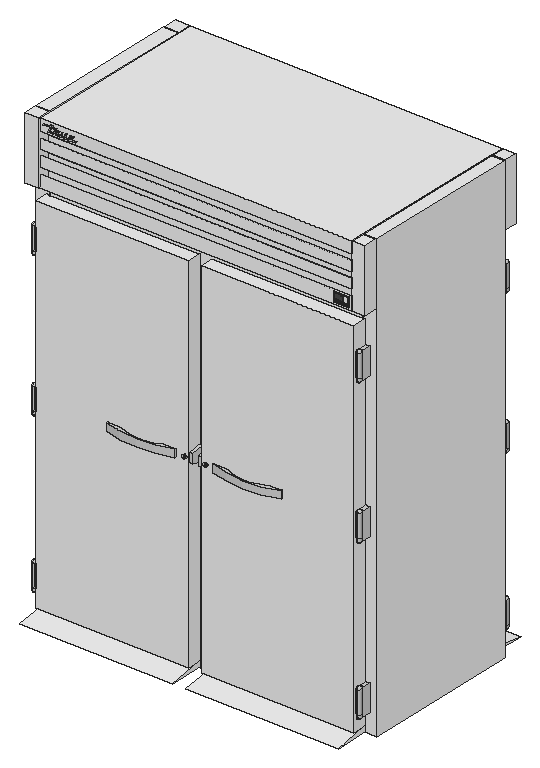
Revit family (continued)
Automatic sketch dimensions
  Extrusion 14 sketch curve to plane 9 = 4.57271"
  Extrusion 14 sketch curve to Extrusion 14 sketch curve = 4.39928"
  Extrusion 14 sketch curve to Extrusion 14 sketch curve = 0.71221"
  Revolve 15 sketch curve to plane 5 "FRONT" = 0.07771"  (x2)
  Revolve 15 sketch curve to Revolve 15 sketch curve = 0.38242"
  Revolve 15 sketch curve to Revolve 15 sketch curve = 0.38436"
  Revolve 15 sketch curve to plane 5 "FRONT" = 31/64"
  Revolve 15 sketch curve to Revolve 15 sketch curve = 0.40666"
  Revolve 15 sketch curve to Revolve 15 sketch curve = 0"
  Revolve 15 sketch curve to plane 9 = 3.75492"
  Revolve 15 sketch curve to Revolve 15 sketch curve = 0.55526"
  Revolve 15 sketch curve to Revolve 15 sketch curve = 0.19474"
  Revolve 15 sketch curve to Revolve 15 sketch curve = 0.14649"
  Revolve 15 sketch curve to Revolve 15 sketch curve = 4.42889"
  Revolve 15 sketch curve to Revolve 15 sketch curve = 0.05342"
  Revolve 15 sketch curve to Revolve 15 sketch curve = 0.51246"
  Revolve 15 sketch curve to Revolve 15 sketch curve = 0.05889"
  Extrusion 16 sketch curve to plane 4 "RIGHT" = 1.88366"
  Extrusion 16 sketch curve to Extrusion 16 sketch curve = 0.39759"
  Extrusion 16 sketch curve to plane 9 = 4.6503"
  Extrusion 16 sketch curve to Extrusion 16 sketch curve = 4.47281"
  Extrusion 17 sketch curve to plane 5 "FRONT" = 1/2"
  Extrusion 17 sketch curve to Extrusion 17 sketch curve = 0.43503"
  Extrusion 17 sketch curve to Extrusion 17 sketch curve = 0.20453"
  Extrusion 17 sketch curve to Extrusion 17 sketch curve = 1.61044"
  Extrusion 17 sketch curve to plane 9 = 33.19771"
  Extrusion 17 sketch curve to Extrusion 17 sketch curve = 4.39928"
  Extrusion 17 sketch curve to Extrusion 17 sketch curve = 0.71221"
  Revolve 18 sketch curve to plane 5 "FRONT" = 0.07771"  (x2)
  Revolve 18 sketch curve to Revolve 18 sketch curve = 0.38242"
  Revolve 18 sketch curve to Revolve 18 sketch curve = 0.38436"
  Revolve 18 sketch curve to plane 5 "FRONT" = 31/64"
  Revolve 18 sketch curve to Revolve 18 sketch curve = 0.40666"
  Revolve 18 sketch curve to Revolve 18 sketch curve = 0"
  Revolve 18 sketch curve to plane 9 = 32.37992"
  Revolve 18 sketch curve to Revolve 18 sketch curve = 0.55526"
  Revolve 18 sketch curve to Revolve 18 sketch curve = 0.19474"
  Revolve 18 sketch curve to Revolve 18 sketch curve = 0.14649"
  Revolve 18 sketch curve to Revolve 18 sketch curve = 4.42889"
  Revolve 18 sketch curve to Revolve 18 sketch curve = 0.05342"
  Revolve 18 sketch curve to Revolve 18 sketch curve = 0.51246"
  Revolve 18 sketch curve to Revolve 18 sketch curve = 0.05889"
  Extrusion 19 sketch curve to plane 4 "RIGHT" = 1.88366"
  Extrusion 19 sketch curve to Extrusion 19 sketch curve = 0.39759"
  Extrusion 19 sketch curve to plane 9 = 33.2753"
  Extrusion 19 sketch curve to Extrusion 19 sketch curve = 4.47281"
  Extrusion 20 sketch curve to plane 5 "FRONT" = 1/2"
  Extrusion 20 sketch curve to Extrusion 20 sketch curve = 0.43503"
  Extrusion 20 sketch curve to Extrusion 20 sketch curve = 0.20453"
  Extrusion 20 sketch curve to Extrusion 20 sketch curve = 1.61044"
  level to Extrusion 20 sketch curve = 9.05229"
  Extrusion 20 sketch curve to Extrusion 20 sketch curve = 4.39928"
  Extrusion 20 sketch curve to Extrusion 20 sketch curve = 0.71221"
  Revolve 21 sketch curve to plane 5 "FRONT" = 0.07771"  (x2)
  Revolve 21 sketch curve to Revolve 21 sketch curve = 0.38242"
  Revolve 21 sketch curve to Revolve 21 sketch curve = 0.38436"
  Revolve 21 sketch curve to plane 5 "FRONT" = 31/64"
  Revolve 21 sketch curve to Revolve 21 sketch curve = 0.40666"
  Revolve 21 sketch curve to Revolve 21 sketch curve = 0"
  level to Revolve 21 sketch curve = 9.87008"
  Revolve 21 sketch curve to Revolve 21 sketch curve = 0.55526"
  Revolve 21 sketch curve to Revolve 21 sketch curve = 0.19474"
  Revolve 21 sketch curve to Revolve 21 sketch curve = 0.14649"
  Revolve 21 sketch curve to Revolve 21 sketch curve = 4.42889"
  Revolve 21 sketch curve to Revolve 21 sketch curve = 0.05342"
  Revolve 21 sketch curve to Revolve 21 sketch curve = 0.51246"
  Revolve 21 sketch curve to Revolve 21 sketch curve = 0.05889"
  Extrusion 22 sketch curve to plane 4 "RIGHT" = 1.88366"
  Extrusion 22 sketch curve to Extrusion 22 sketch curve = 0.39759"
  level to Extrusion 22 sketch curve = 8.9747"
  Extrusion 22 sketch curve to Extrusion 22 sketch curve = 4.47281"
  plane 5 "FRONT" to Extrusion 23 sketch curve = 0"  (x2)
  Extrusion 23 sketch curve to plane 7 = 9/16"
  Extrusion 23 sketch curve to plane 12 = 1 5/16"
  plane 12 to Extrusion 23 sketch curve = 1 5/16"
  Extrusion 23 sketch curve to plane 4 "RIGHT" = 2 9/32"
  Extrusion 24 sketch curve to Extrusion 6 = 0"
  Extrusion 6 to Extrusion 24 sketch curve = 0"
  Extrusion 6 to Extrusion 24 sketch curve = 1"
  Extrusion 24 sketch curve to Extrusion 6 = 3 15/16"
  plane 5 "FRONT" to Extrusion 25 sketch curve = 0"  (x2)
  plane 7 to Extrusion 25 sketch curve = 13.775"
  Extrusion 25 sketch curve to Extrusion 25 sketch curve = 2.4"  (x2)
  Extrusion 25 sketch curve to Extrusion 25 sketch curve = 4.4"
  Extrusion 25 sketch curve to plane 8 = 0.38764"
  Extrusion 25 sketch curve to plane 12 = 10.58125"
  Extrusion 25 sketch curve to Extrusion 25 sketch curve = 0.2"
  Extrusion 25 sketch curve to plane 5 "FRONT" = 7.77897"
  Extrusion 26 sketch curve to plane 12 = 2.0734"
  Extrusion 26 sketch curve to Extrusion 26 sketch curve = 0.02035"
  Extrusion 26 sketch curve to Extrusion 26 sketch curve = 0.0555"
  Extrusion 26 sketch curve to plane 9 = 34.91365"
  Extrusion 26 sketch curve to Extrusion 26 sketch curve = 0.27385"
  Extrusion 26 sketch curve to Extrusion 26 sketch curve = 0.29355"
  Blend 27 sketch curve to plane 12 = 1 5/16"  (x2)
  Blend 27 sketch curve to plane 12 = 9/16"
  Blend 27 sketch curve to plane 9 = 36.00831"
  Blend 27 sketch curve to Blend 27 sketch curve = 1 3/4"
  Blend 27 sketch curve to plane 12 = 0.38027"
  Blend 27 sketch curve to plane 9 = 36.6059"
  Blend 27 sketch curve to Blend 27 sketch curve = 2.78233"
  Extrusion 28 sketch curve to plane 5 "FRONT" = 1/2"
  Extrusion 28 sketch curve to Extrusion 28 sketch curve = 0.43503"
  Extrusion 28 sketch curve to Extrusion 28 sketch curve = 0.20453"
  Extrusion 28 sketch curve to Extrusion 28 sketch curve = 1.61044"
  Extrusion 28 sketch curve to plane 9 = 9.88873"
  Extrusion 28 sketch curve to Extrusion 28 sketch curve = 0.71221"
  Extrusion 28 sketch curve to Extrusion 28 sketch curve = 4.39928"
  Revolve 29 sketch curve to plane 5 "FRONT" = 0.07771"  (x2)
  Revolve 29 sketch curve to Revolve 29 sketch curve = 0.38242"
  Revolve 29 sketch curve to Revolve 29 sketch curve = 0.38436"
  Revolve 29 sketch curve to plane 5 "FRONT" = 31/64"
  Revolve 29 sketch curve to Revolve 29 sketch curve = 0.40666"
  Revolve 29 sketch curve to Revolve 29 sketch curve = 0"
  Revolve 29 sketch curve to plane 9 = 10.07719"
  Revolve 29 sketch curve to Revolve 29 sketch curve = 0.32931"
  Revolve 29 sketch curve to Revolve 29 sketch curve = 0.51246"
  Revolve 29 sketch curve to Revolve 29 sketch curve = 0.05342"
  Revolve 29 sketch curve to Revolve 29 sketch curve = 4.42889"
  Revolve 29 sketch curve to Revolve 29 sketch curve = 0.04281"
  Revolve 29 sketch curve to Revolve 29 sketch curve = 0.18929"
  Revolve 29 sketch curve to Revolve 29 sketch curve = 0.55526"
  Extrusion 30 sketch curve to plane 7 = 0.96009"
  Extrusion 30 sketch curve to Extrusion 30 sketch curve = 0.39759"
  Extrusion 30 sketch curve to plane 9 = 9.12311"
  Extrusion 30 sketch curve to Extrusion 30 sketch curve = 4.47281"
  Extrusion 31 sketch curve to plane 5 "FRONT" = 1/2"
  Extrusion 31 sketch curve to Extrusion 31 sketch curve = 0.43503"
  Extrusion 31 sketch curve to Extrusion 31 sketch curve = 0.20453"
  Extrusion 31 sketch curve to Extrusion 31 sketch curve = 1.61044"
  level to Extrusion 31 sketch curve = 35.23627"
  Extrusion 31 sketch curve to Extrusion 31 sketch curve = 0.71221"
  Extrusion 31 sketch curve to Extrusion 31 sketch curve = 4.39928"
  Revolve 32 sketch curve to plane 5 "FRONT" = 0.07771"  (x2)
  Revolve 32 sketch curve to Revolve 32 sketch curve = 0.38242"
  Revolve 32 sketch curve to Revolve 32 sketch curve = 0.38436"
  Revolve 32 sketch curve to plane 5 "FRONT" = 31/64"
  Revolve 32 sketch curve to Revolve 32 sketch curve = 0.40666"
  Revolve 32 sketch curve to Revolve 32 sketch curve = 0"
  level to Revolve 32 sketch curve = 35.04781"
  Revolve 32 sketch curve to Revolve 32 sketch curve = 0.32931"
  Revolve 32 sketch curve to Revolve 32 sketch curve = 0.51246"
  Revolve 32 sketch curve to Revolve 32 sketch curve = 0.05342"
  Revolve 32 sketch curve to Revolve 32 sketch curve = 4.42889"
  Revolve 32 sketch curve to Revolve 32 sketch curve = 0.04281"
  Revolve 32 sketch curve to Revolve 32 sketch curve = 0.18929"
  Revolve 32 sketch curve to Revolve 32 sketch curve = 0.55526"
  Extrusion 33 sketch curve to plane 7 = 0.96009"
  Extrusion 33 sketch curve to Extrusion 33 sketch curve = 0.39759"
  level to Extrusion 33 sketch curve = 36.00189"
  Extrusion 33 sketch curve to Extrusion 33 sketch curve = 4.47281"
  Extrusion 34 sketch curve to plane 5 "FRONT" = 1/2"
  Extrusion 34 sketch curve to Extrusion 34 sketch curve = 0.43503"
  Extrusion 34 sketch curve to Extrusion 34 sketch curve = 0.20453"
  Extrusion 34 sketch curve to Extrusion 34 sketch curve = 1.61044"
  level to Extrusion 34 sketch curve = 3.73627"
  Extrusion 34 sketch curve to Extrusion 34 sketch curve = 0.71221"
  Extrusion 34 sketch curve to Extrusion 34 sketch curve = 4.39928"
  Revolve 35 sketch curve to plane 5 "FRONT" = 0.07771"  (x2)
  Revolve 35 sketch curve to Revolve 35 sketch curve = 0.38242"
  Revolve 35 sketch curve to Revolve 35 sketch curve = 0.38436"
  Revolve 35 sketch curve to plane 5 "FRONT" = 31/64"
  Revolve 35 sketch curve to Revolve 35 sketch curve = 0.40666"
  Revolve 35 sketch curve to Revolve 35 sketch curve = 0"
  level to Revolve 35 sketch curve = 3.54781"
  Revolve 35 sketch curve to Revolve 35 sketch curve = 0.32931"
  Revolve 35 sketch curve to Revolve 35 sketch curve = 0.51246"
  Revolve 35 sketch curve to Revolve 35 sketch curve = 0.05342"
  Revolve 35 sketch curve to Revolve 35 sketch curve = 4.42889"
  Revolve 35 sketch curve to Revolve 35 sketch curve = 0.04281"
  Revolve 35 sketch curve to Revolve 35 sketch curve = 0.18929"
  Revolve 35 sketch curve to Revolve 35 sketch curve = 0.55526"
  Extrusion 36 sketch curve to plane 7 = 0.96009"
  Extrusion 36 sketch curve to Extrusion 36 sketch curve = 0.39759"
  level to Extrusion 36 sketch curve = 4.50189"
  Extrusion 36 sketch curve to Extrusion 36 sketch curve = 4.47281"
  Extrusion 37 sketch curve to level = 0"
  Extrusion 37 sketch curve to Extrusion 37 sketch curve = 1"
  plane 5 "FRONT" to Extrusion 37 sketch curve = 3 15/16"
  Extrusion 37 sketch curve to plane 5 "FRONT" = 2 3/4"
  Extrusion 38 sketch curve to plane 9 = 0"  (x2)
  Extrusion 38 sketch curve to plane 7 = 9/16"
  plane 12 to Extrusion 38 sketch curve = 1 5/16"
  Extrusion 38 sketch curve to plane 4 "RIGHT" = 2 9/32"
  level to Extrusion 38 sketch curve = 1"  (x2)
  Extrusion 39 sketch curve to plane 1 "BACK" = 0"  (x2)
  Extrusion 39 sketch curve to plane 4 "RIGHT" = 16.61875"
  Extrusion 39 sketch curve to Extrusion 39 sketch curve = 2.4"  (x2)
  Extrusion 39 sketch curve to Extrusion 39 sketch curve = 4.4"
  plane 8 to Extrusion 39 sketch curve = 0.38764"
  plane 12 to Extrusion 39 sketch curve = 10.58125"
  Extrusion 39 sketch curve to Extrusion 39 sketch curve = 0.2"
  plane 1 "BACK" to Extrusion 39 sketch curve = 7.77897"
  plane 12 to Extrusion 40 sketch curve = 2.0734"
  Extrusion 40 sketch curve to Extrusion 40 sketch curve = 0.02035"
  Extrusion 40 sketch curve to Extrusion 40 sketch curve = 0.0555"
  Extrusion 40 sketch curve to plane 9 = 34.91365"
  Extrusion 40 sketch curve to Extrusion 40 sketch curve = 0.27385"
  Extrusion 40 sketch curve to Extrusion 40 sketch curve = 0.29355"
  plane 12 to Blend 41 sketch curve = 1 5/16"  (x2)
  plane 12 to Blend 41 sketch curve = 9/16"
  Blend 41 sketch curve to plane 9 = 36.00831"
  Blend 41 sketch curve to Blend 41 sketch curve = 1 3/4"
  plane 12 to Blend 41 sketch curve = 0.38027"
  Blend 41 sketch curve to plane 9 = 36.6059"
  Blend 41 sketch curve to Blend 41 sketch curve = 2.78233"
  plane 1 "BACK" to Extrusion 42 sketch curve = 1/2"
  Extrusion 42 sketch curve to Extrusion 42 sketch curve = 0.43503"
  Extrusion 42 sketch curve to Extrusion 42 sketch curve = 0.20453"
  Extrusion 42 sketch curve to Extrusion 42 sketch curve = 1.61044"
  Extrusion 42 sketch curve to plane 9 = 9.88873"
  Extrusion 42 sketch curve to Extrusion 42 sketch curve = 0.71221"
  Extrusion 42 sketch curve to Extrusion 42 sketch curve = 4.39928"
  plane 1 "BACK" to Revolve 43 sketch curve = 0.07771"  (x2)
  Revolve 43 sketch curve to Revolve 43 sketch curve = 0.38242"
  Revolve 43 sketch curve to Revolve 43 sketch curve = 0.38436"
  plane 1 "BACK" to Revolve 43 sketch curve = 31/64"
  Revolve 43 sketch curve to Revolve 43 sketch curve = 0.40666"
  Revolve 43 sketch curve to Revolve 43 sketch curve = 0"
  Revolve 43 sketch curve to plane 9 = 10.07719"
  Revolve 43 sketch curve to Revolve 43 sketch curve = 0.32931"
  Revolve 43 sketch curve to Revolve 43 sketch curve = 0.51246"
  Revolve 43 sketch curve to Revolve 43 sketch curve = 0.05342"
  Revolve 43 sketch curve to Revolve 43 sketch curve = 4.42889"
  Revolve 43 sketch curve to Revolve 43 sketch curve = 0.04281"
  Revolve 43 sketch curve to Revolve 43 sketch curve = 0.18929"
  Revolve 43 sketch curve to Revolve 43 sketch curve = 0.55526"
  Extrusion 44 sketch curve to plane 4 "RIGHT" = 1.88366"
  Extrusion 44 sketch curve to Extrusion 44 sketch curve = 0.39759"
  Extrusion 44 sketch curve to plane 9 = 9.12311"
  Extrusion 44 sketch curve to Extrusion 44 sketch curve = 4.47281"
  plane 1 "BACK" to Extrusion 45 sketch curve = 1/2"
  Extrusion 45 sketch curve to Extrusion 45 sketch curve = 0.43503"
  Extrusion 45 sketch curve to Extrusion 45 sketch curve = 0.20453"
  Extrusion 45 sketch curve to Extrusion 45 sketch curve = 1.61044"
  level to Extrusion 45 sketch curve = 35.23627"
  Extrusion 45 sketch curve to Extrusion 45 sketch curve = 0.71221"
  Extrusion 45 sketch curve to Extrusion 45 sketch curve = 4.39928"
  plane 1 "BACK" to Revolve 46 sketch curve = 0.07771"  (x2)
  Revolve 46 sketch curve to Revolve 46 sketch curve = 0.38242"
  Revolve 46 sketch curve to Revolve 46 sketch curve = 0.38436"
  plane 1 "BACK" to Revolve 46 sketch curve = 31/64"
  Revolve 46 sketch curve to Revolve 46 sketch curve = 0.40666"
  Revolve 46 sketch curve to Revolve 46 sketch curve = 0"
  level to Revolve 46 sketch curve = 35.04781"
  Revolve 46 sketch curve to Revolve 46 sketch curve = 0.32931"
  Revolve 46 sketch curve to Revolve 46 sketch curve = 0.51246"
  Revolve 46 sketch curve to Revolve 46 sketch curve = 0.05342"
  Revolve 46 sketch curve to Revolve 46 sketch curve = 4.42889"
  Revolve 46 sketch curve to Revolve 46 sketch curve = 0.04281"
  Revolve 46 sketch curve to Revolve 46 sketch curve = 0.18929"
  Revolve 46 sketch curve to Revolve 46 sketch curve = 0.55526"
  Extrusion 47 sketch curve to plane 4 "RIGHT" = 1.88366"
  Extrusion 47 sketch curve to Extrusion 47 sketch curve = 0.39759"
  level to Extrusion 47 sketch curve = 36.00189"
  Extrusion 47 sketch curve to Extrusion 47 sketch curve = 4.47281"
  plane 1 "BACK" to Extrusion 48 sketch curve = 1/2"
  Extrusion 48 sketch curve to Extrusion 48 sketch curve = 0.43503"
  Extrusion 48 sketch curve to Extrusion 48 sketch curve = 0.20453"
  Extrusion 48 sketch curve to Extrusion 48 sketch curve = 1.61044"
  level to Extrusion 48 sketch curve = 3.73627"
  Extrusion 48 sketch curve to Extrusion 48 sketch curve = 0.71221"
  Extrusion 48 sketch curve to Extrusion 48 sketch curve = 4.39928"
  plane 1 "BACK" to Revolve 49 sketch curve = 0.07771"  (x2)
  Revolve 49 sketch curve to Revolve 49 sketch curve = 0.38242"
  Revolve 49 sketch curve to Revolve 49 sketch curve = 0.38436"
  plane 1 "BACK" to Revolve 49 sketch curve = 31/64"
  Revolve 49 sketch curve to Revolve 49 sketch curve = 0.40666"
  Revolve 49 sketch curve to Revolve 49 sketch curve = 0"
  level to Revolve 49 sketch curve = 3.54781"
  Revolve 49 sketch curve to Revolve 49 sketch curve = 0.32931"
  Revolve 49 sketch curve to Revolve 49 sketch curve = 0.51246"
  Revolve 49 sketch curve to Revolve 49 sketch curve = 0.05342"
  Revolve 49 sketch curve to Revolve 49 sketch curve = 4.42889"
  Revolve 49 sketch curve to Revolve 49 sketch curve = 0.04281"
  Revolve 49 sketch curve to Revolve 49 sketch curve = 0.18929"
  Revolve 49 sketch curve to Revolve 49 sketch curve = 0.55526"
  Extrusion 50 sketch curve to plane 4 "RIGHT" = 1.88366"
  Extrusion 50 sketch curve to Extrusion 50 sketch curve = 0.39759"
  level to Extrusion 50 sketch curve = 4.50189"
  Extrusion 50 sketch curve to Extrusion 50 sketch curve = 4.47281"
  plane 1 "BACK" to Extrusion 51 sketch curve = 0"  (x2)
  Extrusion 51 sketch curve to plane 7 = 9/16"
  Extrusion 51 sketch curve to plane 12 = 1 5/16"
  plane 12 to Extrusion 51 sketch curve = 1 5/16"
  Extrusion 51 sketch curve to plane 4 "RIGHT" = 2 9/32"
  Extrusion 53 sketch curve to plane 1 "BACK" = 0"  (x2)
  Extrusion 53 sketch curve to plane 12 = 3 25/32"
  Extrusion 53 sketch curve to Extrusion 53 sketch curve = 2.4"  (x2)
  Extrusion 53 sketch curve to Extrusion 53 sketch curve = 4.4"
  plane 8 to Extrusion 53 sketch curve = 0.38764"
  Extrusion 53 sketch curve to plane 12 = 10.58125"
  Extrusion 53 sketch curve to Extrusion 53 sketch curve = 0.2"
  plane 1 "BACK" to Extrusion 53 sketch curve = 7.77897"
  Extrusion 54 sketch curve to plane 12 = 2.0734"
  Extrusion 54 sketch curve to Extrusion 54 sketch curve = 0.02035"
  Extrusion 54 sketch curve to Extrusion 54 sketch curve = 0.0555"
  Extrusion 54 sketch curve to plane 9 = 35.48105"
  Extrusion 54 sketch curve to Extrusion 54 sketch curve = 0.29355"
  Extrusion 54 sketch curve to Extrusion 54 sketch curve = 0.27385"
  Blend 55 sketch curve to plane 12 = 1 5/16"  (x2)
  Blend 55 sketch curve to plane 12 = 9/16"
  Blend 55 sketch curve to plane 9 = 34.25831"
  Blend 55 sketch curve to Blend 55 sketch curve = 1 3/4"
  Blend 55 sketch curve to plane 12 = 0.38027"
  Blend 55 sketch curve to plane 9 = 33.82357"
  Blend 55 sketch curve to Blend 55 sketch curve = 2.78233"
  plane 1 "BACK" to Extrusion 56 sketch curve = 1/2"
  Extrusion 56 sketch curve to Extrusion 56 sketch curve = 0.43503"
  Extrusion 56 sketch curve to Extrusion 56 sketch curve = 0.20453"
  Extrusion 56 sketch curve to Extrusion 56 sketch curve = 1.61044"
  Extrusion 56 sketch curve to plane 9 = 4.57271"
  Extrusion 56 sketch curve to Extrusion 56 sketch curve = 4.39928"
  Extrusion 56 sketch curve to Extrusion 56 sketch curve = 0.71221"
  plane 1 "BACK" to Revolve 57 sketch curve = 0.07771"  (x2)
  Revolve 57 sketch curve to Revolve 57 sketch curve = 0.38242"
  Revolve 57 sketch curve to Revolve 57 sketch curve = 0.38436"
  plane 1 "BACK" to Revolve 57 sketch curve = 31/64"
  Revolve 57 sketch curve to Revolve 57 sketch curve = 0.40666"
  Revolve 57 sketch curve to Revolve 57 sketch curve = 0"
  Revolve 57 sketch curve to plane 9 = 3.75492"
  Revolve 57 sketch curve to Revolve 57 sketch curve = 0.55526"
  Revolve 57 sketch curve to Revolve 57 sketch curve = 0.19474"
  Revolve 57 sketch curve to Revolve 57 sketch curve = 0.14649"
  Revolve 57 sketch curve to Revolve 57 sketch curve = 4.42889"
  Revolve 57 sketch curve to Revolve 57 sketch curve = 0.05342"
  Revolve 57 sketch curve to Revolve 57 sketch curve = 0.51246"
  Revolve 57 sketch curve to Revolve 57 sketch curve = 0.05889"
  Extrusion 58 sketch curve to plane 7 = 0.96009"
  Extrusion 58 sketch curve to Extrusion 58 sketch curve = 0.39759"
  Extrusion 58 sketch curve to plane 9 = 4.6503"
  Extrusion 58 sketch curve to Extrusion 58 sketch curve = 4.47281"
  plane 1 "BACK" to Extrusion 59 sketch curve = 1/2"
  Extrusion 59 sketch curve to Extrusion 59 sketch curve = 0.43503"
  Extrusion 59 sketch curve to Extrusion 59 sketch curve = 0.20453"
  Extrusion 59 sketch curve to Extrusion 59 sketch curve = 1.61044"
  Extrusion 59 sketch curve to plane 9 = 33.19771"
  Extrusion 59 sketch curve to Extrusion 59 sketch curve = 4.39928"
  Extrusion 59 sketch curve to Extrusion 59 sketch curve = 0.71221"
  plane 1 "BACK" to Revolve 60 sketch curve = 0.07771"  (x2)
  Revolve 60 sketch curve to Revolve 60 sketch curve = 0.38242"
  Revolve 60 sketch curve to Revolve 60 sketch curve = 0.38436"
  plane 1 "BACK" to Revolve 60 sketch curve = 31/64"
  Revolve 60 sketch curve to Revolve 60 sketch curve = 0.40666"
  Revolve 60 sketch curve to Revolve 60 sketch curve = 0"
  Revolve 60 sketch curve to plane 9 = 32.37992"
  Revolve 60 sketch curve to Revolve 60 sketch curve = 0.55526"
  Revolve 60 sketch curve to Revolve 60 sketch curve = 0.19474"
  Revolve 60 sketch curve to Revolve 60 sketch curve = 0.14649"
  Revolve 60 sketch curve to Revolve 60 sketch curve = 4.42889"
  Revolve 60 sketch curve to Revolve 60 sketch curve = 0.05342"
  Revolve 60 sketch curve to Revolve 60 sketch curve = 0.51246"
  Revolve 60 sketch curve to Revolve 60 sketch curve = 0.05889"
  Extrusion 61 sketch curve to plane 7 = 0.96009"
  Extrusion 61 sketch curve to Extrusion 61 sketch curve = 0.39759"
  Extrusion 61 sketch curve to plane 9 = 33.2753"
  Extrusion 61 sketch curve to Extrusion 61 sketch curve = 4.47281"
  plane 1 "BACK" to Extrusion 62 sketch curve = 1/2"
  Extrusion 62 sketch curve to Extrusion 62 sketch curve = 0.43503"
  Extrusion 62 sketch curve to Extrusion 62 sketch curve = 0.20453"
  Extrusion 62 sketch curve to Extrusion 62 sketch curve = 1.61044"
  level to Extrusion 62 sketch curve = 9.05229"
  Extrusion 62 sketch curve to Extrusion 62 sketch curve = 4.39928"
  Extrusion 62 sketch curve to Extrusion 62 sketch curve = 0.71221"
  plane 1 "BACK" to Revolve 63 sketch curve = 0.07771"  (x2)
  Revolve 63 sketch curve to Revolve 63 sketch curve = 0.38242"
  Revolve 63 sketch curve to Revolve 63 sketch curve = 0.38436"
  plane 1 "BACK" to Revolve 63 sketch curve = 31/64"
  Revolve 63 sketch curve to Revolve 63 sketch curve = 0.40666"
  Revolve 63 sketch curve to Revolve 63 sketch curve = 0"
  level to Revolve 63 sketch curve = 9.87008"
  Revolve 63 sketch curve to Revolve 63 sketch curve = 0.55526"
  Revolve 63 sketch curve to Revolve 63 sketch curve = 0.19474"
  Revolve 63 sketch curve to Revolve 63 sketch curve = 0.14649"
  Revolve 63 sketch curve to Revolve 63 sketch curve = 4.42889"
  Revolve 63 sketch curve to Revolve 63 sketch curve = 0.05342"
  Revolve 63 sketch curve to Revolve 63 sketch curve = 0.51246"
  Revolve 63 sketch curve to Revolve 63 sketch curve = 0.05889"
  Extrusion 64 sketch curve to plane 7 = 0.96009"
  Extrusion 64 sketch curve to Extrusion 64 sketch curve = 0.39759"
  level to Extrusion 64 sketch curve = 8.9747"
  Extrusion 64 sketch curve to Extrusion 64 sketch curve = 4.47281"
  Extrusion 65 sketch curve to level = 0"
  Extrusion 65 sketch curve to Extrusion 65 sketch curve = 1"
  plane 1 "BACK" to Extrusion 65 sketch curve = 2 3/4"
  Extrusion 65 sketch curve to plane 1 "BACK" = 3 15/16"
  Extrusion 38 to Extrusion 52 sketch curve = 1"
  plane 1 "BACK" to curve 1 = 0"
  curve 1 to plane 3 "LEFT" = 0"
  plane 5 "FRONT" to curve 26 = 0"
  curve 3 to plane 4 "RIGHT" = 0"
  curve 26 to plane 7 = 19/32"
  curve 10 to plane 7 = 19/32"
  plane 5 "FRONT" to curve 7 = 0.20273"
  plane 7 to curve 7 = 13.78247"
  plane 7 to curve 18 = 13.78247"
  curve 18 to curve 17 = 2.4"
  curve 7 to curve 6 = 2.4"
  curve 11 to plane 8 = 0.38764"
  curve 11 to plane 12 = 10.58125"
  plane 8 to curve 20 = 0.38764"
  curve 20 to curve 11 = 0"
  curve 6 to curve 6 = 4.4"
  curve 17 to curve 17 = 4.4"
  curve 19 to plane 1 "BACK" = 0.19726"
  curve 17 to curve 19 = 2.4"
  plane 5 "FRONT" to curve 8 = 0.19726"
  curve 26 to plane 12 = 1 9/32"
  curve 10 to plane 12 = 1 9/32"
  plane 12 to curve 28 = 1 9/32"
  plane 12 to curve 30 = 1 9/32"
  plane 5 "FRONT" to curve 16 = 0.19726"
  curve 30 to curve 16 = 2.49254"
  curve 28 to curve 23 = 2.49254"
  curve 15 to curve 13 = 2.4"
  curve 23 to curve 21 = 2.4"
  curve 13 to curve 13 = 4.4"
  curve 21 to curve 21 = 4.4"
  curve 16 to plane 8 = 0.38764"
  plane 12 to curve 16 = 10.58125"
  plane 8 to curve 24 = 0.38764"
  curve 24 to curve 16 = 0"
  curve 22 to plane 1 "BACK" = 0.20273"
  curve 21 to curve 22 = 2.4"
  curve 13 to curve 14 = 2.4"
  curve 30 to plane 4 "RIGHT" = 2 1/4"
  curve 27 to curve 1 = 2 1/4"
  curve 5 to plane 5 "FRONT" = 2 1/4"
  curve 13 to plane 5 "FRONT" = 7.77899"
  curve 6 to plane 5 "FRONT" = 7.77899"
  plane 1 "BACK" to curve 17 = 7.77899"
  plane 1 "BACK" to curve 21 = 7.77899"
  plane 1 "BACK" to curve 12 = 2 1/4"
  radius of Extrusion 8 sketch curve = 0.35"
  radius of Extrusion 12 sketch curve = 1/4"
  radius of Extrusion 26 sketch curve = 0.35"
  radius of Extrusion 40 sketch curve = 0.35"
  radius of Extrusion 54 sketch curve = 0.35"
Connectors (in)
  electrical at (66, 0, 86.625), driven by "Volts", driven by "Watts"
    settings: on Extrusion 12, index 1, voltage 115 V, apparent load 1092.5 VA, apparent load phase1 0 VA, apparent load phase2 0 VA, apparent load phase3 0 VA, power factor 1, load classification "Other", number of poles 1, system type 30, power factor state 1, is connector primary yes, connector utility no, sub classification motor no, connector description "Electrical Connection"
